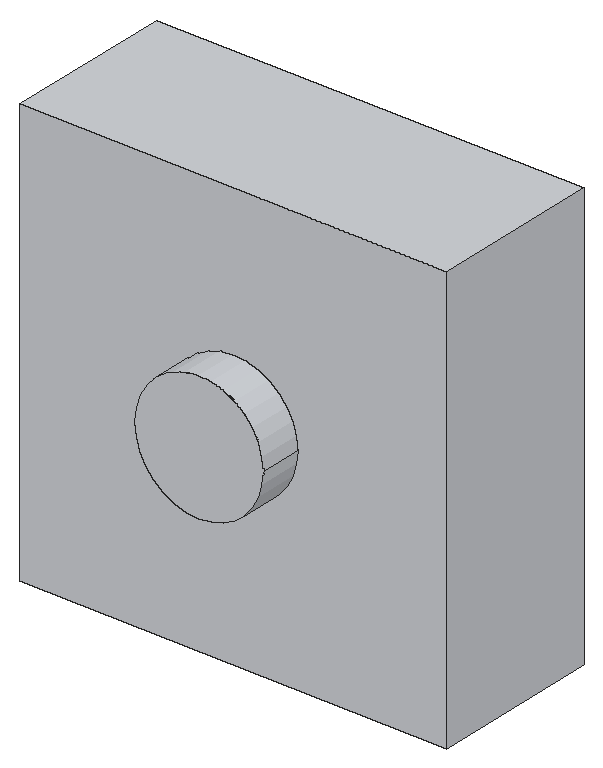
Revit family "NRG_Behinderten_Notruf_V1700", category Notrufgeräte, Revit 2017
Family settings
  Beschriftungsausrichtung beibehalten = Nein
  Bemaßung runder Anschluss = Durchmesser verwenden
  Teiletyp = Normal
  OmniClass-Nummer = 23.85.30.24.11
  OmniClass-Titel = Call Systems for the Disabled
  Arbeitsebenenbasiert = Ja
  Immer vertikal = Ja
  Beim Laden mit Abzugskörper schneiden = Nein
  Gemeinsam genutzt = Nein
  Raumberechnungspunkt = Nein
Parameters (values of type "Behindertennotruf_Zimmer")
  pbr_Material_KZ = ""
  pbr_Material = none
  pbr_E_Typ = ""
  pbr_E_KZ = ""
  pbr_DINBild = 0
  pbr_Bild = 0
  pbr_3Dx_Delta_Korrekturversatz [instance] = 0 mm
  pbr_3DX_Versatzfaktor [instance] = 0
  pbr_2DY_Versatzfaktor [instance] = 0
  pbr_2DX_Versatzfaktor [instance] = 0
  lfd_STRK [instance] = 0
  cpiFitMatchKey [instance] = "E-WLR-18-5"
  YFrontversatz [instance] = if(pbr_2DY_Versatzfaktor = 300, 0 mm, pbr_2DY_Versatzfaktor * 300 mm)  # 0 mm
  XSeitenversatz [instance] = if(pbr_2DY_Versatzfaktor = 300, 0 mm, pbr_2DY_Versatzfaktor * 300 mm)  # 0 mm
  X3Dversatz [instance] = if([3DX_Versatzkontrolle] = 0, 2000 mm, 2000 mm + ([3DX_Versatzkontrolle] * (300 mm - Breite))) + pbr_3Dx_Delta_Korrekturversatz  # 2000 mm
  Default Elevation = 1219.2 mm
  Typ [instance] = ""
  Tiefe = 80 mm
  Text3 [instance] = ""
  Text2 [instance] = ""
  Text1 [instance] = ""
  Symboltiefe = 200 mm
  Symbolbreite = 300 mm
  Radius_Leerrohr = 50 mm
  Port2 [instance] = ""
  Port1 [instance] = ""
  Planungsbüro Rohling = "www.pbr.de"
  Patchfeld [instance] = ""
  Niveau [instance] = 0 mm
  Netzart = ""
  Menge(Dosenzahl) [instance] = 0
  Linie/Anschluss [instance] = ""
  Linie [instance] = ""
  Lastklassifizierung = none
  Installationsart [instance] = ""
  Info [instance] = ""
  IFC = ""
  Höhe = 200 mm
  Halbhöhe [instance] = Höhe / 2  # 100 mm
  Halbbreite [instance] = Breite / 2  # 100 mm
  Gewerk [instance] = "SR"
  Bus [instance] = ""
  Breite = 200 mm
  Betriebsstrom ruhe [instance] = 0
  Betriebsstrom max [instance] = 0
  Behinderten-Notruf verkabelt im Zimmer = yes
  Anschlussdosentiefe = 20 mm
  Anschlussbuchsenradius = 30 mm
  3DX_Versatzkontrolle [instance] = if(pbr_3DX_Versatzfaktor = 0, (pbr_2DX_Versatzfaktor * -1), (((-1 * pbr_3DX_Versatzfaktor) + pbr_2DX_Versatzfaktor) * -1))  # 0
  3DX_Versatz [instance] = 0 mm
Reference planes
  plane 1 "Mitte (Vorne/Hinten)": y = 0
  plane 2: z = 0
  plane 3 "Mitte (Links/Rechts)": x = 0
  plane 4 "Lampe unten": z = -100
  plane 5: y = 100
  plane 6: y = 20
  plane 7: x = -100
  plane 8: x = 100
  plane 9: z = 100
  plane 10 "Symbollinks": x = -300
  plane 11: x = 300
Forms (mm)
  Sweep 1, solid, detail levels medium+fine
    path origin (0, 0, 0) x (1, 0, 0) y (0, 1, 0)
      loop
        line (0, 0) -> (0, 20)
    profile origin (0, 10, 0) x (-1, 0, 0) y (0, 0, 1)
      loop
        circle (0, 0) r 30
  Sweep 2, solid
    path origin (0, 0, 0) x (1, 0, 0) y (0, 1, 0)
      loop
        line (0, 20) -> (0, 100)
    profile origin (0, 60, 0) x (-1, 0, 0) y (0, 0, 1)
      loop
        line (100, 100) -> (-100, 100) -> (-100, -100) -> (100, -100) -> (100, 100)
Lines and regions (mm)
  reference lines
    curve 1: line (0, 0, 1407.319) -> (0, 0, 1447.319)
Dimensions and locks
  "Halbhöhe": level to plane 4 "Lampe unten"
  "Anschlussdosentiefe": plane 6 to plane 1 "Mitte (Vorne/Hinten)"
  "Tiefe": plane 5 to plane 6
  equal spacing: plane 7, plane 3 "Mitte (Links/Rechts)", plane 8
  "Halbbreite": plane 7 to plane 3 "Mitte (Links/Rechts)"
  equal spacing: plane 9, level, plane 4 "Lampe unten"
  "Symbolbreite": plane 10 "Symbollinks" to plane 3 "Mitte (Links/Rechts)"
  equal spacing: plane 10 "Symbollinks", plane 3 "Mitte (Links/Rechts)", plane 11
  "Anschlussbuchsenradius": radius of Sweep 1 sketch curve
  aligned and locked: level to plane 2
  aligned and locked: Sweep 2 sketch curve to plane 9
  aligned and locked: Sweep 2 sketch curve to plane 8
  aligned and locked: plane 4 "Lampe unten" to Sweep 2 sketch curve
  aligned and locked: plane 7 to Sweep 2 sketch curve
  aligned and locked: plane 1 "Mitte (Vorne/Hinten)" to nested 1
Automatic sketch dimensions
  curve 1 to plane 3 "Mitte (Links/Rechts)" = 0 mm
  level to curve 1 = 1407.319 mm
  curve 1 to curve 1 = 40 mm
  Sweep 1 sketch curve to plane 3 "Mitte (Links/Rechts)" = 0 mm
  plane 1 "Mitte (Vorne/Hinten)" to Sweep 1 sketch curve = 0 mm
  Sweep 1 sketch curve to plane 6 = 0 mm
  Sweep 2 sketch curve to plane 3 "Mitte (Links/Rechts)" = 0 mm
  Sweep 2 sketch curve to plane 6 = 0 mm
  Sweep 2 sketch curve to plane 5 = 0 mm
  Sweep 1 sketch curve to level = 0 mm
  Sweep 1 sketch curve to profile plane = 0 mm
Nested families
  nested 1: "Behinderten-Notruf verkabelt im Zimmer" at (0, 0, 0), visible <- "Behinderten-Notruf verkabelt im Zimmer", type "Behinderten-Notruf verkabelt im Zimmer"
Connectors
  electrical at (0, 0, 0)
    settings: on Sweep 1, index 1, voltage 230 V, apparent load 0 VA, apparent load phase1 18 VA, apparent load phase2 0 VA, apparent load phase3 0 VA, power factor 1, load classification "Beleuchtung", number of poles 1, system type 31, power factor state 1, is connector primary yes, connector utility no, sub classification motor no, connector description ""
  cabletrayconduit at (0, 0, 0), diameter 50, driven by "Radius_Leerrohr"
    settings: on Sweep 1, index 2, connector width 300 mm, connector height 300 mm, connector angle 0.00°, system type 32, placement type 0, profile type 0, connector reference index -1, is primary connector yes, connector utility param no, connector description ""
Definition of nested family "Behinderten-Notruf verkabelt im Zimmer"
  Reference planes
    plane 1 "Mitte (Vorne/Hinten)": y = 0
    plane 2: z = 0
    plane 3 "Mitte (Links/Rechts)": x = 0
  Lines and regions (mm)
    detail lines, in view "Referenzebene"
      curve 1: circle (433.699, 0, 0) r 100 normal (0, 0, 1)
      curve 2: circle (-0.039, 0, 0) r 25.738 normal (0, 0, 1)
      curve 3: line (325.699, -108, 0) -> (325.699, 108, 0)
      curve 4: line (325.699, 108, 0) -> (541.699, 108, 0)
      curve 5: line (541.699, 108, 0) -> (541.699, -108, 0)
      curve 6: line (541.699, -108, 0) -> (325.699, -108, 0)
      curve 7: line (362.988, -70.711, 0) -> (504.409, 70.711, 0)
      curve 8: line (504.409, -70.711, 0) -> (362.988, 70.711, 0)
      curve 9: line (325.699, 0, 0) -> (25.699, 0, 0)
